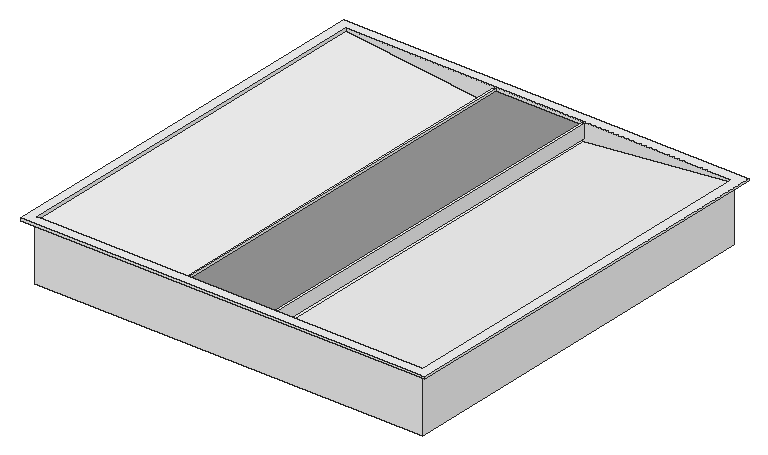
Revit family "2069243 Sylvania Lighting Fixture OFFICELYTE 600 HE 4K", category Lighting Fixtures, host Face, Revit 2017
Family settings
  Host = Face
  Round Connector Dimension = Use Diameter
  Part Type = Normal
  OmniClass Number = 23.80.70.11.17
  OmniClass Title = Specialized Lighting by Location or Use
  Cut with Voids When Loaded = No
  Light Source = Yes
  Shared = No
  Room Calculation Point = No
Parameters (values of type "2069243 OFFICELYTE 600 HE 4K")
  Width_SYL = 595.0 mm
  Weight = "6.0 kg"
  Wattage = 24 W
  WarrantyStartDate [instance] = "n/a"
  WarrantyGuarantorParts = "n/a"
  WarrantyDurationUnit = "n/a"
  WarrantyDurationParts = "n/a"
  WarrantyDescription = "n/a"
  built-in parameter 1150110 = 1 (stored number, unit not read)
  Voltage = 230 V
  URL = "http://www.sylvania-lighting.com"
  TypeName = "OFFICELYTE 600 HE 4K"
  built-in parameter 1114217 = 1 (stored number, unit not read)
  Tilt Angle = -90.00°
  built-in parameter 1150109 = 1 (stored number, unit not read)
  built-in parameter 1150134 = 12
  built-in parameter 1150113 = 1 (stored number, unit not read)
  SerialNumber [instance] = "n/a"
  PowerFactor = 0.96
  PowerConsumption = "24 W"
  Photometric Web File = "2069243.ies"
  NominalWidth = 0.0 mm
  NominalLength = 595.0 mm
  NominalHeight = 87.0 mm
  Name = "OFFICELYTE 600 HE 4K"
  ModelReference = "OFFICELYTE 600 HE 4K"
  ModelNumber = "2069243"
  Material = "zintec housing, acrylic diffuser"
  ManufacturerName = "Feilo Sylvania"
  LuminousEfficacy = "148 lm/W"
  LuminaireType = ""
  LightOutputRatio = "100"
  Length_SYL = Width_SYL  # 595.0 mm
  LampsType = Lamp  # "LED"
  LampNominalLuminous = "3545 lm"
  LampMacAdamStep = "n/a"
  LampColourTemperature = "4000 K"
  LampColourRenderingIndex = "80"
  Keynote = "16500"
  InstallationDate [instance] = "n/a"
  InputVoltage = "230-240V~"
  InputNominalFrequency = "50/60 Hz"
  IngressProtection = "IP20"
  ImpactProtectionIndex = "IK02"
  IfcExportType = "IfcLightFixtureType"
  IfcExportAs = "IfcLightFixtureType"
  Height_SYL = 84.0 mm
  ExpectedLife = 50000
  ElectricShockClassification = "Class I"
  DurationUnit = "hours"
  DocumentationLiterature = "http://www.sylvania-lighting.com/product/en-int/products/2069243"
  DimmingControlOptions = "Non dimmable"
  Material_2_SYL = Acrylic_Sylvania_Officelyte LP LED_Satin_4000K
  CreatedOn = "8/23/2018"
  CreatedBy = ""
  built-in parameter 1114216 [instance] = 1 (stored number, unit not read)
  Model = "OFFICELYTE 600 HE 4K"
  Manufacturer = "Havells-Sylvania Group"  # constant formula
  built-in parameter 1150105 = 282.66 (stored number, unit not read)
  Lumens = 3552 lm
  built-in parameter 1150115 = 1 (stored number, unit not read)
  built-in parameter 1150137 = (empty or 0)
  built-in parameter 1150139 = (empty or 0)
  built-in parameter 1150112 = 1 (stored number, unit not read)
  built-in parameter 1150114 = 1 (stored number, unit not read)
  Lamp = "LED"
  built-in parameter 1150132 = 2
  built-in parameter 1150102 = (empty or 0)
  built-in parameter 1150107 = 4000 (stored number, unit not read)
  built-in parameter 1150138 = (empty or 0)
  built-in parameter 1150106 = 2.8266 (stored number, unit not read)
  Material_3_SYL = Steel_Sylvania_Officelyte LP LED_White_RAL 9016
  Emit from Rectangle Width = Width_SYL - 31.0 mm  # 564.0 mm
  Emit from Rectangle Length = Length_SYL - 31.0 mm  # 564.0 mm
  Emit Shape Visible in Rendering = no
  built-in parameter 1150104 = 13.75 (stored number, unit not read)
  Dimming Lamp Color Temperature Shift = <None>
  Material_1_SYL = Steel_Sylvania_Officelyte LP LED_White_RAL 9016
  Description = "The Concord OFFICELYTE LP LED HO 4K 600 is a high efficient luminaire for Office, education, meeting rooms. With efficacy of 95lm/W, at 4549lm, CRI of 85 and a very low glare ratio according to EN12464."  # constant formula
  Default Elevation = 0.0 mm
  Color Filter = 16777215
  built-in parameter 1140040 [instance] = 1
  BarCode [instance] = "n/a"
  built-in parameter 1114218 = 1 (stored number, unit not read)
  built-in parameter 1150133 = 10 (stored number, unit not read)
  AssetType = "Fixed"
  AssetIdentifier [instance] = "n/a"
  Assembly Code = "D5020200"
  Apparent Load = 24 VA
Reference planes
  plane 1 "Center (Front/Back)": y = 0
  plane 2: z = 0
  plane 3 "Center (Left/Right)": x = 0
  plane 4 "Fixture Bottom": z = 3
  plane 5 "Fixture Right": x = 297.5
  plane 6 "Profile Right": x = 284
  plane 7 "Profile Left": x = -284
  plane 8 "Fixture Left": x = -297.5
  plane 9 "Profile Back": y = 284
  plane 10 "Fixture Back": y = 297.5
  plane 11 "Fixture Front": y = -297.5
  plane 12: z = -25
  plane 13 "Box Right": x = 286
  plane 14 "Box Left": x = -286
  plane 15 "Box Back": y = 286
  plane 16 "Box Front": y = -286
  plane 17: x = 66.5
  plane 18: x = -66.5
  plane 19 "Difuser Right": x = 63.5
  plane 20 "Difuser Left": x = -63.5
  plane 21: z = -2
  plane 22: z = -4
  plane 23 "Profile Front": y = -284
  plane 24 "Fixture Top": z = -84
  plane 25 "Box Thickness": z = -82
  plane 26: z = -20
Forms (mm)
  Extrusion 1, void
    sketch origin (0, 0, 59) x (-1, 0, 0) y (0, -1, 0)
      loop
        line (-286, -286) -> (286, -286) -> (286, 286) -> (-286, 286) -> (-286, -286)
    from -141 to -56
  Extrusion 2, solid, material "Steel_Sylvania_Officelyte LP LED_White_RAL 9016" <- "Material_3_SYL", detail levels fine
    sketch origin (20, 0, 59) x (-1, 0, 0) y (0, -1, 0)
      loop
        line (-277.5, -297.5) -> (317.5, -297.5) -> (317.5, 297.5) -> (-277.5, 297.5) -> (-277.5, -297.5)
      loop
        line (304, -284) -> (304, 284) -> (-264, 284) -> (-264, -284) -> (304, -284)
    from -59 to -56
  Extrusion 3, solid, material "Steel_Sylvania_Officelyte LP LED_White_RAL 9016" <- "Material_3_SYL", detail levels fine
    sketch origin (0, 0, 0) x (1, 0, 0) y (0, 0, 1)
      loop
        arc (-65.868, -23.244) -> (-175.523, -17.552) -> (-284, -0.537) r 1059.086
        line (-284, -0.537) -> (-284, -2.581)
        arc (-284, -2.581) -> (-175.521, -19.563) -> (-65.868, -25.244) r 1061.086
        line (-65.868, -25.244) -> (65.87, -25.244)
        arc (65.87, -25.244) -> (175.522, -19.563) -> (284, -2.581) r 1061.094
        line (284, -2.581) -> (284, -0.538)
        arc (284, -0.538) -> (175.524, -17.552) -> (65.87, -23.244) r 1059.094
        line (65.87, -23.244) -> (-65.868, -23.244)
    from -284 to 284
  Extrusion 4, solid, material "Steel_Sylvania_Officelyte LP LED_White_RAL 9016" <- "Material_3_SYL", detail levels fine
    sketch origin (0, 0, 59) x (-1, 0, 0) y (0, -1, 0)
      loop
        line (284, -284) -> (284, 284) -> (-284, 284) -> (-284, -284) -> (284, -284)
      loop
        line (286, -286) -> (286, 286) -> (-286, 286) -> (-286, -286) -> (286, -286)
    from -141 to -59
  Extrusion 5, solid, material "Steel_Sylvania_Officelyte LP LED_White_RAL 9016" <- "Material_3_SYL", detail levels fine
    sketch origin (0, 0, 59) x (-1, 0, 0) y (0, -1, 0)
      loop
        line (66.5, -284) -> (66.5, 284) -> (63.5, 284) -> (63.5, -284) -> (66.5, -284)
      loop
        line (-66.5, 284) -> (-66.5, -284) -> (-63.5, -284) -> (-63.5, 284) -> (-66.5, 284)
    from -79 to -59
  Extrusion 6, solid, material "Acrylic_Sylvania_Officelyte LP LED_Satin_4000K" <- "Material_2_SYL", detail levels fine
    sketch origin (0, 0, -581) x (-1, 0, 0) y (0, -1, 0)
      loop
        line (-63.5, -284) -> (63.5, -284) -> (63.5, 284) -> (-63.5, 284) -> (-63.5, -284)
    from 577 to 579
  Extrusion 7, solid, material "Steel_Sylvania_Officelyte LP LED_White_RAL 9016" <- "Material_1_SYL", detail levels coarse+medium
    sketch origin (0, 0, 59) x (-1, 0, 0) y (0, -1, 0)
      loop
        line (297.5, -297.5) -> (297.5, 297.5) -> (-297.5, 297.5) -> (-297.5, -297.5) -> (297.5, -297.5)
    from -59 to -56
  Extrusion 8, solid, material "Steel_Sylvania_Officelyte LP LED_White_RAL 9016" <- "Material_1_SYL", detail levels coarse+medium
    sketch origin (0, 0, -501) x (-1, 0, 0) y (0, -1, 0)
      loop
        line (286, -286) -> (286, 286) -> (-286, 286) -> (-286, -286) -> (286, -286)
    from 417 to 501
  Extrusion 9, solid, material "Steel_Sylvania_Officelyte LP LED_White_RAL 9016" <- "Material_3_SYL", detail levels fine
    sketch origin (0, 0, 59) x (-1, 0, 0) y (0, -1, 0)
      loop
        line (-286, -286) -> (286, -286) -> (286, 286) -> (-286, 286) -> (-286, -286)
    from -143 to -141
Cuts and joins
  joined: Extrusion 2, Extrusion 4, Extrusion 9
  joined: Extrusion 3, Extrusion 5
Lines and regions (mm)
  symbolic lines
    curve 1: line (-297.5, 297.5, 59) -> (297.5, 297.5, 59)
    curve 2: line (-297.5, -297.5, 59) -> (-297.5, 297.5, 59)
    curve 3: line (297.5, -297.5, 59) -> (-297.5, -297.5, 59)
    curve 4: line (297.5, 297.5, 59) -> (297.5, -297.5, 59)
Dimensions and locks
  "Height_SYL": host face to plane 24 "Fixture Top"
  locked: plane 25 "Box Thickness" to plane 24 "Fixture Top" at 2
  "Width_SYL": plane 10 "Fixture Back" to plane 11 "Fixture Front"
  "Length_SYL": plane 8 "Fixture Left" to plane 5 "Fixture Right"
  equal spacing: plane 10 "Fixture Back", plane 1 "Center (Front/Back)", plane 11 "Fixture Front"
  equal spacing: plane 8 "Fixture Left", plane 3 "Center (Left/Right)", plane 5 "Fixture Right"
  locked: plane 18 to plane 20 "Difuser Left" at 3
  locked: plane 19 "Difuser Right" to plane 17 at 3
  plane 8 "Fixture Left" to plane 14 "Box Left" to plane 7 "Profile Left" = 11.5 mm locked, 2.0 mm locked
  plane 10 "Fixture Back" to plane 15 "Box Back" to plane 9 "Profile Back" = 11.5 mm locked, 2.0 mm locked
  plane 6 "Profile Right" to plane 13 "Box Right" to plane 5 "Fixture Right" = 2.0 mm locked, 11.5 mm locked
  plane 23 "Profile Front" to plane 16 "Box Front" to plane 11 "Fixture Front" = 2.0 mm locked, 11.5 mm locked
  plane 4 "Fixture Bottom" to plane 2 to plane 21 to plane 22 to plane 12 = 3.0 mm locked, 2.0 mm locked, 2.0 mm locked, 21.0 mm locked
  aligned and locked: plane 2 to host face
  aligned and locked: level to host face
  aligned and locked: plane 1 "Center (Front/Back)" to imposter light
  aligned and locked: plane 10 "Fixture Back" to Extrusion 2
  aligned and locked: plane 8 "Fixture Left" to Extrusion 2
  aligned and locked: Extrusion 2 to plane 7 "Profile Left"
  aligned and locked: Extrusion 2 to plane 5 "Fixture Right"
  aligned and locked: plane 6 "Profile Right" to Extrusion 2
  aligned and locked: Extrusion 2 to plane 11 "Fixture Front"
  aligned and locked: plane 4 "Fixture Bottom" to Extrusion 2
  aligned and locked: plane 18 to Extrusion 5 sketch curve
  aligned and locked: Extrusion 5 sketch curve to plane 17
  aligned and locked: plane 19 "Difuser Right" to Extrusion 5 sketch curve
  aligned and locked: Extrusion 5 sketch curve to plane 20 "Difuser Left"
  aligned and locked: plane 19 "Difuser Right" to Extrusion 6 sketch curve
  aligned and locked: Extrusion 6 sketch curve to plane 20 "Difuser Left"
  aligned and locked: plane 21 to Extrusion 6
  aligned and locked: Extrusion 6 to plane 22
  aligned and locked: Extrusion 7 sketch curve to plane 10 "Fixture Back"
  aligned and locked: plane 5 "Fixture Right" to Extrusion 7 sketch curve
  aligned and locked: plane 11 "Fixture Front" to Extrusion 7 sketch curve
  aligned and locked: Extrusion 7 sketch curve to plane 8 "Fixture Left"
  aligned and locked: plane 4 "Fixture Bottom" to Extrusion 7
  aligned and locked: Extrusion 8 to plane 24 "Fixture Top"
  aligned and locked: level to Extrusion 8
  aligned and locked: plane 5 "Fixture Right" to curve 4
  aligned and locked: curve 1 to plane 10 "Fixture Back"
  aligned and locked: curve 2 to plane 8 "Fixture Left"
  aligned and locked: plane 11 "Fixture Front" to curve 3
  aligned and locked: plane 9 "Profile Back" to Extrusion 4
  aligned and locked: Extrusion 4 sketch curve to plane 9 "Profile Back"
  aligned and locked: Extrusion 4 to Extrusion 1
  aligned and locked: imposter light to Extrusion 1
  aligned and locked: Extrusion 9 to plane 24 "Fixture Top"
  aligned and locked: plane 25 "Box Thickness" to Extrusion 9
  aligned and locked: cut or joined group of Extrusion 2, Extrusion 4, Extrusion 9 to plane 25 "Box Thickness"
  aligned and locked: Extrusion 4 sketch curve to plane 13 "Box Right"
  aligned and locked: plane 15 "Box Back" to Extrusion 4 sketch curve
  aligned and locked: Extrusion 4 sketch curve to plane 14 "Box Left"
  aligned and locked: plane 16 "Box Front" to Extrusion 4 sketch curve
  aligned and locked: Extrusion 9 sketch curve to plane 16 "Box Front"
  aligned and locked: plane 13 "Box Right" to Extrusion 9 sketch curve
  aligned and locked: Extrusion 9 sketch curve to plane 15 "Box Back"
  aligned and locked: Extrusion 9 sketch curve to plane 14 "Box Left"
  aligned and locked: plane 7 "Profile Left" to cut or joined group of Extrusion 3, Extrusion 5
  aligned and locked: cut or joined group of Extrusion 3, Extrusion 5 to plane 6 "Profile Right"
  aligned and locked: plane 9 "Profile Back" to cut or joined group of Extrusion 3, Extrusion 5
  aligned and locked: cut or joined group of Extrusion 3, Extrusion 5 to plane 23 "Profile Front"
  aligned and locked: plane 23 "Profile Front" to Extrusion 5 sketch curve
  aligned and locked: Extrusion 5 sketch curve to plane 9 "Profile Back"
  aligned and locked: Extrusion 8 sketch curve to plane 13 "Box Right"
  aligned and locked: plane 15 "Box Back" to Extrusion 8 sketch curve
  aligned and locked: plane 16 "Box Front" to Extrusion 8 sketch curve
  aligned and locked: plane 14 "Box Left" to Extrusion 8 sketch curve
  aligned and locked: Extrusion 1 sketch curve to Extrusion 8  (x4)
  aligned and locked: Extrusion 6 sketch curve to plane 23 "Profile Front"
  aligned and locked: plane 9 "Profile Back" to Extrusion 6 sketch curve
  aligned and locked: cut or joined group of Extrusion 3, Extrusion 5 to plane 26
  aligned and locked: plane 4 "Fixture Bottom" to imposter light
Automatic sketch dimensions
  host sketch curve to host sketch curve = 1305.563 mm
  host sketch curve to host sketch curve = 1414.187 mm
  Extrusion 2 sketch curve to plane 5 "Fixture Right" = 0.0 mm
  Extrusion 2 sketch curve to plane 6 "Profile Right" = 0.0 mm
  Extrusion 2 sketch curve to plane 7 "Profile Left" = 0.0 mm
  Extrusion 2 sketch curve to plane 8 "Fixture Left" = 0.0 mm
  Extrusion 2 sketch curve to plane 10 "Fixture Back" = 0.0 mm
  plane 9 "Profile Back" to Extrusion 2 sketch curve = 0.0 mm
  Extrusion 2 sketch curve to plane 23 "Profile Front" = 0.0 mm
  Extrusion 2 sketch curve to plane 11 "Fixture Front" = 0.0 mm
  Extrusion 3 sketch curve to Extrusion 3 sketch curve = 0.0 mm  (x2)
  Extrusion 3 sketch curve to Extrusion 3 sketch curve = 0.001 mm  (x2)
  Extrusion 3 sketch curve to level = 0.537 mm
  plane 14 "Box Left" to Extrusion 3 sketch curve = 2.0 mm
  Extrusion 3 sketch curve to plane 12 = 0.244 mm
  plane 18 to Extrusion 3 sketch curve = 0.632 mm
  Extrusion 3 sketch curve to plane 17 = 0.63 mm
  Extrusion 3 sketch curve to level = 0.538 mm
  Extrusion 3 sketch curve to plane 13 "Box Right" = 2.0 mm
  Extrusion 3 sketch curve to level = 23.244 mm
  Extrusion 4 sketch curve to plane 6 "Profile Right" = 0.0 mm
  Extrusion 4 sketch curve to plane 7 "Profile Left" = 0.0 mm
  Extrusion 4 sketch curve to plane 23 "Profile Front" = 0.0 mm
  Extrusion 5 sketch curve to plane 9 "Profile Back" = 0.0 mm
  Extrusion 5 sketch curve to plane 23 "Profile Front" = 0.0 mm
Connectors
  electrical at (0, 0, -84), driven by "Apparent Load"
    settings: on Extrusion 8, index 1, voltage 230 V, apparent load 0 VA, apparent load phase1 24 VA, apparent load phase2 0 VA, apparent load phase3 0 VA, power factor 1, load classification "Lighting", number of poles 1, system type 31, power factor state 1, is connector primary yes, connector utility no, sub classification motor no, connector description ""
